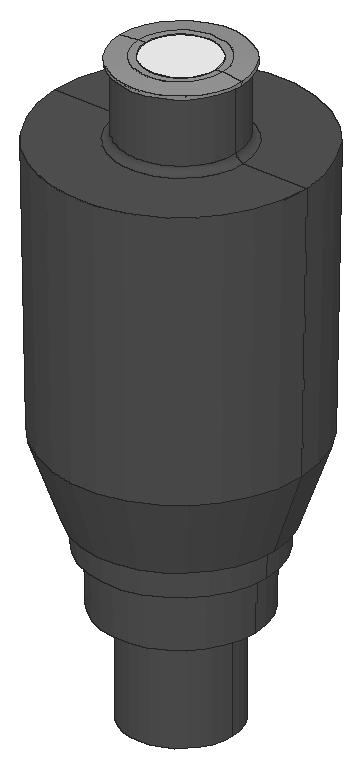
Revit family "LeL Bright 1.0 316L", category Lighting Fixtures, host Face, Revit 2021
Family settings
  Host = Face
  Round Connector Dimension = Use Diameter
  Part Type = Normal
  Cut with Voids When Loaded = Yes
  Light Source = No
  Shared = No
  Room Calculation Point = No
Parameters (values of type "S 10° 2W")
  Weight = 0.48 kg  # constant formula
  Wattage = 2 W
  Void offset = 0 mm  # constant formula
  URL = "https://www.lucelight.it/en/prodotto.php/1270"
  Rated Power supply = 0 V
  Photometry = CW10 Light source : S 10° 2W
  Model = "CW10"  # constant formula
  Manufacturer = "L&L Luce&Light"  # constant formula
  Lumen Output [instance] = 87 lm
  Lamp = "LED"
  IP = "IP68"  # constant formula
  IK = "IK10"  # constant formula
  Finish = LeL Stainless Steel
  Outer casing [instance] = yes
  Description = "Outdoor Linear Profile"  # constant formula
  Default Elevation = 1219.2 mm
  Current = 0.5 A  # constant formula
  CRI = "80"
  CCT = 3000 K
  Author = "AD"  # constant formula
  Apparent Load = Wattage  # 2 VA
  Alimentazione = 0 V
  Accessories = "WC5003 outer casing"  # constant formula
Types (4, lengths in mm): name | Photometry | Lumen Output
  D diffuse 2W | CW10 Light source : Diffuse 2W | 87 lm
  S 10° 2W | CW10 Light source : S 10° 2W | 87 lm
  M 21° 2W | CW10 Light source : M 21° 2W | 127 lm
  L 43° 2W | CW10 Light source : L 43° 2W | 94 lm
Reference planes
  plane 1 "Centro (Fronte/Retro)": y = 0
  plane 2: z = 0
  plane 3 "Centro (Sinistra/Destra)": x = 0
Forms (mm)
  Revolve 1, solid, material "LeL Stainless Steel", detail levels medium+fine
    sketch origin (0, 0, 0) x (1, 0, 0) y (0, 0, 1)
      loop
        line (-17.5, 0.881) -> (-17.5, 0) -> (-13, 0) -> (-13, -11.6) -> (-11.4, -11.6) -> (-11.4, -14.1) -> (-13, -14.1) -> (-13, -15.35) -> (-11.4, -15.35) -> (-11.4, -17.85) -> (-13, -17.85) -> (-13, -30.35) -> (-11.4, -30.35) -> (-11.4, -32.85) -> (-13, -32.85) -> (-13, -34.1) -> (-11.4, -34.1) -> (-11.4, -36.6) -> (-13, -36.6) -> (-13, -38.6) -> (0, -38.6) -> (0, 1.5) -> (-12, 1.5) -> (-17.5, 0.881)
      axis (0, 1.5) -> (0, -38.6)
    angle from 0 to 360
  Revolve 2, solid, material "LeL O-ring", detail levels medium+fine
    sketch origin (0, 0, 0) x (1, 0, 0) y (0, 0, 1)
      loop
        circle (-12.5, -12.85) r 1
      loop
        circle (-12.5, -16.6) r 1
      loop
        circle (-12.5, -31.6) r 1
      loop
        circle (-12.5, -35.35) r 1
      axis (0, -12.85) -> (0, -35.35)
    angle from 0 to 360
  Extrusion 3, void
    sketch origin (0, 0, 0) x (1, 0, 0) y (0, 1, 0)
      loop
        circle (0, 0) r 10
    from 0 to 2
  Extrusion 4, solid, material "LeL Light emitting surface", detail levels medium+fine
    sketch origin (0, 0, 0) x (1, 0, 0) y (0, 1, 0)
      loop
        circle (0, 0) r 10
    from 0 to 1.5
  Extrusion 5, solid, material "LeL Stainless Steel", detail levels medium+fine
    sketch origin (0, 42.15, -45.804) x (1, 0, 0) y (0, 1, 0)
      loop
        line (11.759, -42.15) -> (7.759, -35.222) -> (-0.241, -35.222) -> (-4.241, -42.15) -> (-0.241, -49.078) -> (7.759, -49.078) -> (11.759, -42.15)
    from -5.346 to 7.204
  Extrusion 6, solid, material "LeL Light emitting surface", detail levels coarse
    sketch origin (0, 0, 0) x (1, 0, 0) y (0, 1, 0)
      loop
        circle (0, 0) r 17.5
    from 0 to 1.5
  Extrusion 7, solid, detail levels coarse
    sketch origin (0, 0, 0) x (1, 0, 0) y (0, 1, 0)
      loop
        circle (0, 0) r 13
    from 0 to -38.6
  Revolve 8, solid, material "LeL Outer casing", visible <- "Outer casing", detail levels medium+fine
    sketch origin (0, 0, 0) x (1, 0, 0) y (0, 0, 1)
      loop
        line (-16, 0) -> (-16, -18)
        arc (-16, -18) -> (-16.586, -19.414) -> (-18, -20) r 2
        line (-18, -20) -> (-36.199, -20) -> (-34.889, -95.065) -> (-26.992, -117) -> (-25.058, -117) -> (-24.927, -124.526) -> (-21.812, -124.526) -> (-21.542, -140) -> (0, -140) -> (0, 0) -> (-16, 0)
      axis (0, 0) -> (0, -140)
    angle from 0 to 360
  Extrusion 9, solid, material "LeL Outer casing", visible <- "Outer casing", detail levels medium+fine
    sketch origin (0, 0, 0) x (1, 0, 0) y (0, 1, 0)
      loop
        circle (-0.003, 0) r 15
    from -169 to -140
Cuts and joins
  Extrusion 3 cuts Revolve 1
Dimensions and locks
  aligned and locked: plane 2 to host face
  aligned and locked: level to host face
Nested families
  nested 1: "CW10 Light source" at (-0.003, 0, 0), type <- "Photometry", type "S 10° 2W", detail levels medium+fine
  nested 2: "Symbol Recessed lamp" at (0, 0, 0), type "Symbol Recessed lamp", detail levels coarse
Connectors
  electrical at (0, 0, 0), driven by "Alimentazione", driven by "Apparent Load"
    settings: index 3, voltage 0 V, apparent load 0 VA, apparent load phase1 2 VA, apparent load phase2 0 VA, apparent load phase3 0 VA, power factor 1, load classification "Illuminazione", number of poles 1, system type 31, power factor state 1, is connector primary yes, connector utility no, sub classification motor no, connector description ""
Definition of nested family "CW10 Light source"
  Parameters (values of type "Diffuse 2W")
    Wattage = 0.296213 W
    built-in parameter 1150110 = 1 (stored number, unit not read)
    built-in parameter 1114217 = 1 (stored number, unit not read)
    Tilt Angle = -90.00°
    built-in parameter 1150109 = 1 (stored number, unit not read)
    built-in parameter 1150134 = (empty or 0)
    built-in parameter 1150113 = 1 (stored number, unit not read)
    Photometric Web File = "BRIGHT 1.0 D [3000K 1x500mA].IES"
    Lumens = 44 lm
    built-in parameter 1150115 = 1 (stored number, unit not read)
    built-in parameter 1150105 = 3.5014 (stored number, unit not read)
    built-in parameter 1150137 = (empty or 0)
    built-in parameter 1150139 = (empty or 0)
    built-in parameter 1150112 = 1 (stored number, unit not read)
    built-in parameter 1150114 = 1 (stored number, unit not read)
    Lamp = "LED"
    built-in parameter 1150132 = 2
    built-in parameter 1150102 = (empty or 0)
    built-in parameter 1150138 = (empty or 0)
    built-in parameter 1150107 = 3000 (stored number, unit not read)
    built-in parameter 1150106 = 0.035014 (stored number, unit not read)
    built-in parameter 1150104 = 13.8 (stored number, unit not read)
    Dimming Lamp Color Temperature Shift = (empty or 0)
    Default Elevation = 0 mm
    Color Filter = 16777215
    built-in parameter 1114218 = 1 (stored number, unit not read)
    built-in parameter 1150133 = 10 (stored number, unit not read)
    Apparent Load = 2 VA
  Types (4, lengths in mm): name | Wattage | Photometric Web File | Lumens | built-in parameter 1150105 | built-in parameter 1150106
    Diffuse 2W | 0.296213 W | "BRIGHT 1.0 D [3000K 1x500mA].IES" | 44 lm | 3.5014 (stored number, unit not read) | 0.035014 (stored number, unit not read)
    S 10° 2W | 0.585693 W | "BRIGHT 1.0 S 10° [3000K 1x500mA].IES" | 87 lm | 71.063 (stored number, unit not read) | 0.71063 (stored number, unit not read)
    M 21° 2W | 0.854977 W | "BRIGHT 1.0 M 21° [3000K 1x500mA].IES" | 127 lm | 3182.7 (stored number, unit not read) | 31.827 (stored number, unit not read)
    L 43° 2W | 0.632818 W | "BRIGHT 1.0 L 43° [3000K 1x500mA].IES" | 94 lm | 468.53 (stored number, unit not read) | 4.6853 (stored number, unit not read)
  Reference planes
    plane 1 "Light Source Axis (F/B)": y = 0
    plane 2: z = 0
    plane 3 "Light Source Axis (L/R)": x = 0
    plane 4 "Light Source Elevation": z = 0
    plane 5: x = 0
    plane 6: x = 0
  Dimensions and locks
    aligned and locked: plane 3 "Light Source Axis (L/R)" to imposter light
    aligned and locked: plane 1 "Light Source Axis (F/B)" to imposter light
    aligned and locked: plane 4 "Light Source Elevation" to imposter light
    aligned and locked: plane 2 to level
Definition of nested family "Symbol Recessed lamp"
  Reference planes
    plane 1: y = 0
    plane 2: x = 0
  Lines and regions (mm)
    detail lines
      curve 1: circle (0, 0, 0) r 17.5 normal (0, 0, 1)
